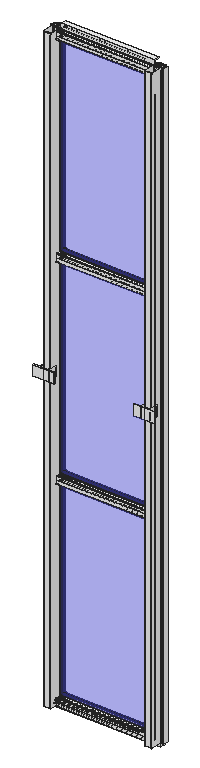
Revit family "Facade_60_Curtain_Wall_I13_Standard", category Windows, host Wall, Revit 2014 (continued)
Definition of nested family "F60 Horizontal Profile Middle_I13_Std"
  Forms (mm)
    Extrusion 4, solid, material <- "Profile Material"
      sketch origin (0, 0, 0) x (0, 1, 0) y (0, 0, 1)
        loop
          line (-48.8, 52.1) -> (-45.85, 52.1) -> (-45.85, 51.15)
          arc (-45.85, 51.15) -> (-45.674, 50.726) -> (-45.25, 50.55) r 0.6
          line (-45.25, 50.55) -> (-44.4, 50.55) -> (-44.4, 52.1) -> (-42.8, 52.1) -> (-42.8, 35.551)
          arc (-42.8, 35.551) -> (-43.034, 34.985) -> (-43.6, 34.751) r 0.8
          line (-43.6, 34.751) -> (-58.5, 34.751)
          arc (-58.5, 34.751) -> (-59.066, 34.516) -> (-59.3, 33.951) r 0.8
          line (-59.3, 33.951) -> (-59.3, 32.902) -> (-42.8, 32.902) -> (-42.8, 27.1) -> (-59.3, 27.1) -> (-59.3, 26.049)
          arc (-59.3, 26.049) -> (-59.066, 25.484) -> (-58.5, 25.249) r 0.8
      from 0 to 250 <- "Length"
    Extrusion 5, solid, material <- "Thermal Break Material", visible <- "Single Glazing"
      sketch origin (0, 0, 0) x (0, 1, 0) y (0, 0, 1)
        loop
          arc (-63.8, 25.751) -> (-63.654, 25.397) -> (-63.3, 25.251) r 0.5
          line (-63.3, 25.251) -> (-59.8, 25.251)
          arc (-59.8, 25.251) -> (-59.446, 25.397) -> (-59.3, 25.751) r 0.5
          line (-59.3, 25.751) -> (-59.3, 27.648) -> (-49.599, 27.648) -> (-47.528, 28.651)
          arc (-47.528, 28.651) -> (-46.803, 30.001) -> (-47.528, 31.351) r 1.62
          line (-47.528, 31.351) -> (-49.599, 32.353) -> (-59.3, 32.353) -> (-59.3, 34.251)
          arc (-59.3, 34.251) -> (-59.446, 34.604) -> (-59.8, 34.751) r 0.5
          line (-59.8, 34.751) -> (-63.3, 34.751)
          arc (-63.3, 34.751) -> (-63.654, 34.604) -> (-63.8, 34.251) r 0.5
          line (-63.8, 34.251) -> (-63.8, 32.328) -> (-62.4, 31.52) -> (-62.4, 28.483) -> (-63.8, 27.673) -> (-63.8, 25.751)
        loop
          line (-59.794, 28.506) -> (-59.006, 29.294)
          arc (-59.006, 29.294) -> (-58.788, 29.618) -> (-58.713, 30.001) r 0.986
          arc (-58.713, 30.001) -> (-58.79, 30.384) -> (-59.008, 30.71) r 1.007
          line (-59.008, 30.71) -> (-59.794, 31.496) -> (-60.65, 31.496)
          arc (-60.65, 31.496) -> (-61.004, 31.349) -> (-61.15, 30.996) r 0.5
          line (-61.15, 30.996) -> (-61.15, 29.006)
          arc (-61.15, 29.006) -> (-61.004, 28.652) -> (-60.65, 28.506) r 0.5
          line (-60.65, 28.506) -> (-59.794, 28.506)
        loop
          line (-47.854, 30.898) -> (-49.415, 31.653) -> (-56.782, 31.653)
          arc (-56.782, 31.653) -> (-57.207, 31.417) -> (-57.23, 30.932) r 0.5
          arc (-57.23, 30.932) -> (-57.013, 30.001) -> (-57.23, 29.07) r 2.099
          arc (-57.23, 29.07) -> (-57.207, 28.584) -> (-56.782, 28.348) r 0.5
          line (-56.782, 28.348) -> (-49.415, 28.348) -> (-48.055, 29.007)
          arc (-48.055, 29.007) -> (-47.35, 29.888) -> (-47.854, 30.898) r 1.047
      from 0 to 250 <- "Length"
    Extrusion 6, solid, material <- "Profile Material", visible <- "Single Glazing"
      sketch origin (0, 0, 0) x (0, 1, 0) y (0, 0, 1)
        loop
          line (-63.8, 52.694) -> (-64.8, 52.694) -> (-64.8, 51.544) -> (-66.05, 51.544) -> (-66.05, 57.044) -> (-64.8, 57.044) -> (-64.8, 55.894) -> (-63.8, 55.894) -> (-63.8, 58.294)
          arc (-63.8, 58.294) -> (-64.082, 58.803) -> (-64.664, 58.835) r 0.6
          line (-64.664, 58.835) -> (-66.562, 57.91) -> (-67.088, 58.988) -> (-68.05, 58.519) -> (-68.05, 48.513)
          arc (-68.05, 48.513) -> (-67.874, 48.089) -> (-67.45, 47.913) r 0.6
          line (-67.45, 47.913) -> (-66.6, 47.913) -> (-66.6, 12.09) -> (-67.45, 12.09)
          arc (-67.45, 12.09) -> (-67.874, 11.914) -> (-68.05, 11.49) r 0.6
          line (-68.05, 11.49) -> (-68.05, 1.485) -> (-67.088, 1.016) -> (-66.562, 2.095) -> (-64.663, 1.169)
          arc (-64.663, 1.169) -> (-64.082, 1.2) -> (-63.8, 1.709) r 0.6
          line (-63.8, 1.709) -> (-63.8, 4.109) -> (-64.8, 4.109) -> (-64.8, 2.959) -> (-66.05, 2.959) -> (-66.05, 8.459) -> (-64.8, 8.459) -> (-64.8, 7.309) -> (-63.8, 7.309) -> (-63.8, 27.674) -> (-62.4, 28.483) -> (-62.4, 31.521) -> (-63.8, 32.329) -> (-63.8, 52.694)
      from 0 to 250 <- "Length"
    Extrusion 7, solid, material <- "Profile Material", visible <- "Single Glazing"
      sketch origin (0, 0, 0) x (0, 1, 0) y (0, 0, 1)
        loop
          line (-68.551, 3.3) -> (-76.559, 3.3) -> (-76.559, 30) -> (-76.559, 56.15)
          arc (-76.559, 56.15) -> (-75.739, 58.13) -> (-73.759, 58.95) r 2.8
          line (-73.759, 58.95) -> (-69.151, 58.95) -> (-69.151, 57.2)
          arc (-69.151, 57.2) -> (-68.987, 56.829) -> (-68.601, 56.703) r 0.5
          arc (-68.601, 56.703) -> (-68.216, 56.829) -> (-68.051, 57.2) r 0.5
          line (-68.051, 57.2) -> (-68.051, 58.517) -> (-67.089, 58.986) -> (-66.563, 57.907) -> (-63.866, 59.222)
          arc (-63.866, 59.222) -> (-64.001, 59.762) -> (-64.504, 60) r 0.65
          line (-64.504, 60) -> (-73.859, 60)
          arc (-73.859, 60) -> (-76.687, 58.828) -> (-77.859, 56) r 4
          line (-77.859, 56) -> (-77.859, 30) -> (-77.859, 2.493)
          arc (-77.859, 2.493) -> (-77.197, 0.799) -> (-75.562, 0.002) r 2.5
          arc (-75.562, 0.002) -> (-75.182, 0.132) -> (-75.021, 0.5) r 0.5
          line (-75.021, 0.5) -> (-75.021, 2) -> (-69.151, 2) -> (-69.151, 0.5)
          arc (-69.151, 0.5) -> (-69.005, 0.146) -> (-68.651, 0) r 0.5
          line (-68.651, 0) -> (-64.504, 0)
          arc (-64.504, 0) -> (-64.001, 0.238) -> (-63.866, 0.778) r 0.65
          line (-63.866, 0.778) -> (-66.563, 2.093) -> (-67.089, 1.014) -> (-68.051, 1.483) -> (-68.051, 2.8)
          arc (-68.051, 2.8) -> (-68.198, 3.154) -> (-68.551, 3.3) r 0.5
      from 0 to 250 <- "Length"
    Extrusion 8, solid, material <- "Thermal Break Material", visible <- "Double Glazing"
      sketch origin (0, 0, 0) x (0, 1, 0) y (0, 0, 1)
        loop
          line (-77.8, 27.673) -> (-77.8, 25.751)
          arc (-77.8, 25.751) -> (-77.654, 25.397) -> (-77.3, 25.251) r 0.5
          line (-77.3, 25.251) -> (-59.8, 25.251)
          arc (-59.8, 25.251) -> (-59.446, 25.397) -> (-59.3, 25.751) r 0.5
          line (-59.3, 25.751) -> (-59.3, 27.647) -> (-49.599, 27.647) -> (-47.528, 28.649)
          arc (-47.528, 28.649) -> (-46.803, 29.999) -> (-47.528, 31.349) r 1.62
          line (-47.528, 31.349) -> (-49.602, 32.353) -> (-59.3, 32.353) -> (-59.3, 34.251)
          arc (-59.3, 34.251) -> (-59.446, 34.604) -> (-59.8, 34.751) r 0.5
          line (-59.8, 34.751) -> (-77.3, 34.751)
          arc (-77.3, 34.751) -> (-77.654, 34.604) -> (-77.8, 34.251) r 0.5
          line (-77.8, 34.251) -> (-77.8, 32.327) -> (-76.4, 31.52) -> (-76.4, 28.482) -> (-77.8, 27.673)
        loop
          line (-59.006, 30.708) -> (-61.156, 32.858)
          arc (-61.156, 32.858) -> (-61.48, 33.074) -> (-61.863, 33.151) r 1
          line (-61.863, 33.151) -> (-73.8, 33.151)
          arc (-73.8, 33.151) -> (-74.507, 32.858) -> (-74.8, 32.151) r 1
          line (-74.8, 32.151) -> (-74.8, 27.851)
          arc (-74.8, 27.851) -> (-74.507, 27.144) -> (-73.8, 26.851) r 1
          line (-73.8, 26.851) -> (-61.863, 26.851)
          arc (-61.863, 26.851) -> (-61.48, 26.927) -> (-61.156, 27.144) r 1
          line (-61.156, 27.144) -> (-59.006, 29.294)
          arc (-59.006, 29.294) -> (-58.788, 29.618) -> (-58.713, 30.001) r 0.986
          arc (-58.713, 30.001) -> (-58.79, 30.383) -> (-59.006, 30.708) r 1.007
        loop
          line (-56.782, 28.347) -> (-49.415, 28.347) -> (-48.055, 29.005)
          arc (-48.055, 29.005) -> (-47.35, 29.887) -> (-47.854, 30.896) r 1.047
          line (-47.854, 30.896) -> (-49.415, 31.652) -> (-56.782, 31.652)
          arc (-56.782, 31.652) -> (-57.207, 31.416) -> (-57.23, 30.93) r 0.5
          arc (-57.23, 30.93) -> (-57.013, 29.999) -> (-57.23, 29.068) r 2.099
          arc (-57.23, 29.068) -> (-57.207, 28.583) -> (-56.782, 28.347) r 0.5
      from 0 to 250 <- "Length"
    Extrusion 9, solid, material <- "Profile Material", visible <- "Double Glazing"
      sketch origin (0, 0, 0) x (0, 1, 0) y (0, 0, 1)
        loop
          line (-77.8, 52.694) -> (-78.8, 52.694) -> (-78.8, 51.544) -> (-80.05, 51.544) -> (-80.05, 57.044) -> (-78.8, 57.044) -> (-78.8, 55.894) -> (-77.8, 55.894) -> (-77.8, 58.294)
          arc (-77.8, 58.294) -> (-78.082, 58.802) -> (-78.664, 58.834) r 0.6
          line (-78.664, 58.834) -> (-80.562, 57.909) -> (-81.088, 58.988) -> (-82.05, 58.518) -> (-82.05, 48.512)
          arc (-82.05, 48.512) -> (-81.874, 48.088) -> (-81.45, 47.912) r 0.6
          line (-81.45, 47.912) -> (-80.6, 47.912) -> (-80.6, 12.089) -> (-81.45, 12.089)
          arc (-81.45, 12.089) -> (-81.874, 11.913) -> (-82.05, 11.489) r 0.6
          line (-82.05, 11.489) -> (-82.05, 1.484) -> (-81.088, 1.015) -> (-80.562, 2.094) -> (-78.663, 1.169)
          arc (-78.663, 1.169) -> (-78.082, 1.199) -> (-77.8, 1.708) r 0.6
          line (-77.8, 1.708) -> (-77.8, 4.108) -> (-78.8, 4.108) -> (-78.8, 2.958) -> (-80.05, 2.958) -> (-80.05, 8.458) -> (-78.8, 8.458) -> (-78.8, 7.308) -> (-77.8, 7.308) -> (-77.8, 27.673) -> (-76.4, 28.482) -> (-76.4, 31.52) -> (-77.8, 32.328) -> (-77.8, 52.694)
      from 0 to 250 <- "Length"
    Extrusion 10, solid, material <- "Profile Material", visible <- "Double Glazing"
      sketch origin (0, 0, 0) x (0, 1, 0) y (0, 0, 1)
        loop
          line (-82.551, 3.3) -> (-90.558, 3.3) -> (-90.558, 30) -> (-90.558, 56.15)
          arc (-90.558, 56.15) -> (-89.738, 58.13) -> (-87.758, 58.95) r 2.8
          line (-87.758, 58.95) -> (-83.151, 58.95) -> (-83.151, 57.2)
          arc (-83.151, 57.2) -> (-82.986, 56.829) -> (-82.601, 56.703) r 0.5
          arc (-82.601, 56.703) -> (-82.215, 56.829) -> (-82.051, 57.2) r 0.5
          line (-82.051, 57.2) -> (-82.051, 58.517) -> (-81.088, 58.986) -> (-80.563, 57.907) -> (-77.866, 59.222)
          arc (-77.866, 59.222) -> (-78, 59.762) -> (-78.503, 60) r 0.65
          line (-78.503, 60) -> (-87.858, 60)
          arc (-87.858, 60) -> (-90.687, 58.828) -> (-91.858, 56) r 4
          line (-91.858, 56) -> (-91.858, 30) -> (-91.858, 2.493)
          arc (-91.858, 2.493) -> (-91.196, 0.799) -> (-89.561, 0.002) r 2.5
          arc (-89.561, 0.002) -> (-89.182, 0.132) -> (-89.021, 0.5) r 0.5
          line (-89.021, 0.5) -> (-89.021, 2) -> (-83.151, 2) -> (-83.151, 0.5)
          arc (-83.151, 0.5) -> (-83.004, 0.146) -> (-82.651, 0) r 0.5
          line (-82.651, 0) -> (-78.503, 0)
          arc (-78.503, 0) -> (-78, 0.238) -> (-77.866, 0.778) r 0.65
          line (-77.866, 0.778) -> (-80.563, 2.093) -> (-81.088, 1.014) -> (-82.051, 1.483) -> (-82.051, 2.8)
          arc (-82.051, 2.8) -> (-82.197, 3.154) -> (-82.551, 3.3) r 0.5
      from 0 to 250 <- "Length"
  Dimensions and locks
    aligned and locked: level to plane 2
Definition of nested family "F60 Intermediate Anchor_I13_Std"
  Parameters (values of type "F60 Intermediate Anchor")
    Profile Material [instance] = none
  Reference planes
    plane 1 "Center (Front/Back)": y = 0
    plane 2: z = 0
    plane 3 "Center (Left/Right)": x = 0
  Forms (mm)
    Extrusion 1, solid, material <- "Profile Material"
      sketch origin (0, 0, 0) x (1, 0, 0) y (0, 1, 0)
        loop
          line (23.715, 89.531) -> (108.716, 89.531) -> (193.716, 89.531) -> (193.716, 92.558)
          arc (193.716, 92.558) -> (192.905, 94.609) -> (190.911, 95.551) r 3
          line (190.911, 95.551) -> (147.753, 95.551)
          arc (147.753, 95.551) -> (146.314, 96.123) -> (145.715, 97.551) r 2
          line (145.715, 97.551) -> (145.715, 166.508)
          arc (145.715, 166.508) -> (144.291, 168.703) -> (141.815, 169.552) r 4.008
          line (141.815, 169.552) -> (140.303, 169.552)
          arc (140.303, 169.552) -> (139.875, 169.378) -> (139.703, 168.95) r 0.588
          line (139.703, 168.95) -> (139.703, 94.268)
          arc (139.703, 94.268) -> (139.579, 93.769) -> (139.115, 93.549) r 0.6
          line (139.115, 93.549) -> (108.715, 93.549) -> (78.422, 93.549)
          arc (78.422, 93.549) -> (77.93, 93.679) -> (77.715, 94.14) r 0.6
          line (77.715, 94.14) -> (77.715, 168.94)
          arc (77.715, 168.94) -> (77.531, 169.368) -> (77.104, 169.54) r 0.588
          line (77.104, 169.54) -> (75.684, 169.54)
          arc (75.684, 169.54) -> (73.185, 168.744) -> (71.713, 166.573) r 4.008
          line (71.713, 166.573) -> (71.713, 97.622)
          arc (71.713, 97.622) -> (71.158, 96.154) -> (69.715, 95.538) r 2
          line (69.715, 95.538) -> (26.715, 95.532)
          arc (26.715, 95.532) -> (24.594, 94.653) -> (23.715, 92.532) r 3
          line (23.715, 92.532) -> (23.715, 89.531)
      from 0 to 85
  Dimensions and locks
    aligned and locked: level to plane 2
Types (24, lengths in mm): name | Windload Design | Width | Overall Width | Overall Height | Max Pane Area | Sill Length | Length Sill | Intruderprufe U Value | Intruderprufe SHGC Value | Intruderprufe LowE U Value | Intruderprufe LowE SHGC Value | Intruderprufe Insulated U Value | Intruderprufe Insulated SHGC Value | Intruderprufe Insulated LowE U Value | Intruderprufe Insulated LowE SHGC Value | Horizontal Profile Length | Glazing Width | Glazing Gap SG | Glazing Gap DG | DG Thickness Calc | DG Thickness | SG Thickness | Custom Curtain Wall Width | Custom Windload
  (no name) | 1000 | 890 | 890 | 4990 | 1.30777 m² | 890 | 890 | 5.73 | 0.666 | 4.4 | 0.584 | 3.18 | 0.574 | 2.58 | 0.518 | 770 | 810.4 | 5 | 4 | 4 | 4 | 4 | 890 | 1000
  F60-I13-0950-1000Pa | 1000 | 890 | 890 | 4990 | 1.30777 m² | 890 | 890 | 5.73 | 0.666 | 4.4 | 0.584 | 3.18 | 0.574 | 2.58 | 0.518 | 770 | 810.4 | 5 | 4 | 4 | 4 | 4 | 890 | 1000
  F60-I13-0950-1500Pa | 1500 | 890 | 1000 | 3000 | 1.30777 m² | 890 | 890 | 5.73 | 0.666 | 4.4 | 0.584 | 3.18 | 0.574 | 2.58 | 0.518 | 770 | 810.4 | 5 | 4 | 4 | 4 | 4 | 890 | 1500
  F60-I13-0950-2000Pa | 2000 | 890 | 890 | 4990 | 1.30777 m² | 890 | 890 | 5.73 | 0.666 | 4.4 | 0.584 | 3.18 | 0.574 | 2.58 | 0.518 | 770 | 810.4 | 5 | 4 | 4 | 4 | 4 | 890 | 2000
  F60-I13-1250-1000Pa | 1000 | 1190 | 890 | 4990 | 1.79189 m² | 1190 | 1190 | 5.74 | 0.691 | 4.28 | 0.605 | 3.09 | 0.595 | 2.46 | 0.536 | 1070 | 1110.4 | 4.5 | 4 | 4 | 4 | 5 | 1190 | 1000
  F60-I13-1250-1500Pa | 1500 | 1190 | 890 | 4990 | 1.79189 m² | 1190 | 1190 | 5.74 | 0.691 | 4.28 | 0.605 | 3.09 | 0.595 | 2.46 | 0.536 | 1070 | 1110.4 | 4.5 | 4 | 4 | 4 | 5 | 1190 | 1500
  F60-I13-1250-2000Pa | 2000 | 1190 | 1190 | 4990 | 1.79189 m² | 1190 | 1190 | 5.74 | 0.691 | 4.28 | 0.605 | 3.09 | 0.595 | 2.46 | 0.536 | 1070 | 1110.4 | 4.5 | 4 | 4 | 4 | 5 | 1190 | 2000
  F60-I13-1550-1000Pa | 1000 | 1490 | 1190 | 4990 | 2.27601 m² | 1490 | 1490 | 5.75 | 0.706 | 4.21 | 0.618 | 3.04 | 0.607 | 2.38 | 0.547 | 1370 | 1410.4 | 3.8 | 3 | 5 | 5 | 6.4 | 1490 | 1000
  F60-I13-1550-1500Pa | 1500 | 1490 | 1190 | 4990 | 2.27601 m² | 1490 | 1490 | 5.75 | 0.706 | 4.21 | 0.618 | 3.04 | 0.607 | 2.38 | 0.547 | 1370 | 1410.4 | 3.8 | 3 | 5 | 5 | 6.4 | 1490 | 1500
  F60-I13-1550-2000Pa | 2000 | 1490 | 1190 | 4990 | 2.27601 m² | 1490 | 1490 | 5.75 | 0.706 | 4.21 | 0.618 | 3.04 | 0.607 | 2.38 | 0.547 | 1370 | 1410.4 | 3.8 | 3 | 5 | 5 | 6.4 | 1490 | 2000
  F60-I13-1850-1000Pa | 1000 | 1790 | 1190 | 4990 | 2.76013 m² | 1790 | 1790 | 5.75 | 0.706 | 4.21 | 0.618 | 3.04 | 0.607 | 2.38 | 0.547 | 1670 | 1710.4 | 3.8 | 3 | 5 | 5 | 6.4 | 1790 | 1000
  F60-I13-1850-1500Pa | 1500 | 1790 | 1190 | 4990 | 2.76013 m² | 1790 | 1790 | 5.75 | 0.706 | 4.21 | 0.618 | 3.04 | 0.607 | 2.38 | 0.547 | 1670 | 1710.4 | 3.8 | 3 | 5 | 5 | 6.4 | 1790 | 1500
  F60-I13-1850-2000Pa | 2000 | 1790 | 1190 | 4990 | 2.76013 m² | 1790 | 1790 | 5.75 | 0.706 | 4.21 | 0.618 | 3.04 | 0.607 | 2.38 | 0.547 | 1670 | 1710.4 | 3.8 | 3 | 5 | 5 | 6.4 | 1790 | 2000
  F60-I13-2150-1000Pa | 1000 | 2090 | 2090 | 4990 | 3.24425 m² | 2090 | 2090 | 5.75 | 0.722 | 4.13 | 0.633 | 2.98 | 0.621 | 2.3 | 0.56 | 1970 | 2010.4 | 3 | 2 | 6 | 6 | 8 | 2090 | 1000
  F60-I13-2150-1500Pa | 1500 | 2090 | 2090 | 4990 | 3.24425 m² | 2090 | 2090 | 5.75 | 0.722 | 4.13 | 0.633 | 2.98 | 0.621 | 2.3 | 0.56 | 1970 | 2010.4 | 3 | 2 | 6 | 6 | 8 | 2090 | 1500
  F60-I13-2150-2000Pa | 2000 | 2090 | 2090 | 4990 | 3.24425 m² | 2090 | 2090 | 5.75 | 0.722 | 4.13 | 0.633 | 2.98 | 0.621 | 2.3 | 0.56 | 1970 | 2010.4 | 3 | 2 | 6 | 6 | 8 | 2090 | 2000
  F60-I13-2450-1500Pa | 1500 | 2390 | 2090 | 4990 | 3.72837 m² | 2390 | 2390 | 5.75 | 0.728 | 4.1 | 0.637 | 2.96 | 0.626 | 2.29 | 0.564 | 2270 | 2310.4 | 3 | 2 | 6 | 6 | 8 | 2390 | 1500
  F60-I13-2450-2000Pa | 2000 | 2390 | 2090 | 4990 | 3.72837 m² | 2390 | 2390 | 5.75 | 0.728 | 4.1 | 0.637 | 2.96 | 0.626 | 2.29 | 0.564 | 2270 | 2310.4 | 3 | 2 | 6 | 6 | 8 | 2390 | 2000
  F60-I13-2750-1000Pa | 1000 | 2690 | 2090 | 4990 | 4.21249 m² | 2690 | 2690 | 5.75 | 0.732 | 4.08 | 0.641 | 2.94 | 0.629 | 2.26 | 0.567 | 2570 | 2610.4 | 3 | 2 | 6 | 6 | 8 | 2690 | 1000
  F60-I13-2750-1500Pa | 1500 | 2690 | 2090 | 4990 | 4.21249 m² | 2690 | 2690 | 5.75 | 0.732 | 4.08 | 0.641 | 2.94 | 0.629 | 2.26 | 0.567 | 2570 | 2610.4 | 3 | 2 | 6 | 6 | 8 | 2690 | 1500
  F60-I13-2750-2000Pa | 2000 | 2690 | 2090 | 4990 | 4.21249 m² | 2690 | 2690 | 5.75 | 0.732 | 4.08 | 0.641 | 2.94 | 0.629 | 2.26 | 0.567 | 2570 | 2610.4 | 3 | 2 | 6 | 6 | 8 | 2690 | 2000
  F60-I13-3050-1000Pa | 1000 | 2990 | 2090 | 4990 | 4.69661 m² | 2990 | 2990 | 5.76 | 0.735 | 4.07 | 0.644 | 2.93 | 0.632 | 2.24 | 0.569 | 2870 | 2910.4 | 2 | 2 | 8 | 6 | 10 | 2990 | 1000
  F60-I13-3050-1500Pa | 1500 | 2990 | 2090 | 4990 | 4.69661 m² | 2990 | 2990 | 5.76 | 0.735 | 4.07 | 0.644 | 2.93 | 0.632 | 2.24 | 0.569 | 2870 | 2910.4 | 2 | 2 | 8 | 6 | 10 | 2990 | 1500
  F60-I13-3050-2000Pa | 2000 | 2990 | 2990 | 4990 | 4.69661 m² | 2990 | 2990 | 5.76 | 0.735 | 4.07 | 0.644 | 2.93 | 0.632 | 2.24 | 0.569 | 2870 | 2910.4 | 2 | 2 | 8 | 6 | 10 | 2990 | 2000
